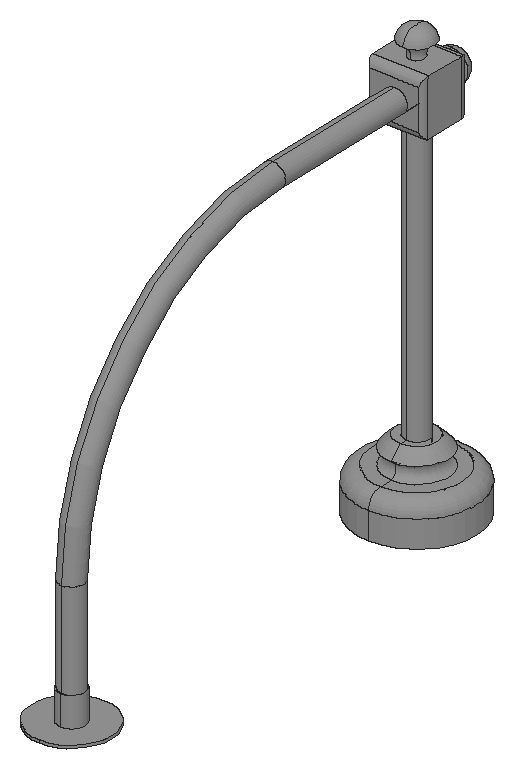
Revit family "10210 Велопарковка «Чугунная комбинированная» Хоббика", category Антураж, Revit 2018
Family settings
  На основе рабочей плоскости = Нет
  Всегда вертикально = Да
  При загрузке вырезать с полостями = Нет
  Источник визуального образа = Геометрия семейства
  Общий = Нет
  Точка расчета площади = Нет
Parameters (values of type "Велопарковка «Чугунная комбинированная»")
  Ширина = 805 mm  # constant formula
  Цвет каркаса = Чугун
  Description = "Велопарковка «Чугунная комбинированная» "  # constant formula
  Материал изделия = "Чугун"  # constant formula
  Изображение типоразмера = Велопарковка «Чугунная комбинированная» Арт 10210.jpg
  Изготовитель = "ООО «Хоббика»"  # constant formula
  Длина = 45 mm  # constant formula
  Группа модели = "Велопарковки"  # constant formula
  Высота = 815 mm  # constant formula
  Артикул товара = "Арт. 10210"  # constant formula
  URL = "https://hobbyka.ru/product/veloparkovka_chugunnaya_/"
Reference planes
  plane 1 "По центру (Вперед/Назад)": y = 0
  plane 2: z = 0
  plane 3 "По центру (Влево/Вправо)": x = 0
  plane 4: x = 45
  plane 5: y = 805
  plane 6: z = 815
Forms (mm)
  Sweep 1, solid, material "Чугун" <- "Цвет каркаса"
    path origin (0, 0, 0) x (0, 1, 0) y (0, 0, 1)
      loop
        line (805, 0) -> (805, 710) -> (470, 710)
        arc (470, 710) -> (137.66, 572.34) -> (0, 240) r 470
        line (0, 240) -> (0, 0)
    profile origin (0, 805, 355) x (0, -1, 0) y (1, 0, 0)
      loop
        circle (0, 22.5) r 22.5
  Extrusion 2, solid, material "Чугун" <- "Цвет каркаса"
    sketch origin (0, 0, 0) x (0, 1, 0) y (0, 0, 1)
      loop
        line (843.741, 762.94) -> (768.741, 762.94)
        arc (768.741, 762.94) -> (758.135, 758.547) -> (753.741, 747.94) r 15
        line (753.741, 747.94) -> (753.741, 672.94)
        arc (753.741, 672.94) -> (758.135, 662.334) -> (768.741, 657.94) r 15
        line (768.741, 657.94) -> (843.741, 657.94)
        arc (843.741, 657.94) -> (854.348, 662.334) -> (858.741, 672.94) r 15
        line (858.741, 672.94) -> (858.741, 747.94)
        arc (858.741, 747.94) -> (854.348, 758.547) -> (843.741, 762.94) r 15
    from -30 to 75
  Extrusion 3, void
    sketch origin (0, 0, 0) x (1, 0, 0) y (0, 1, 0)
      loop
        line (75, 858.741) -> (60, 858.741)
        arc (60, 858.741) -> (70.607, 854.348) -> (75, 843.741) r 15
        line (75, 843.741) -> (75, 858.741)
      loop
        line (-30, 858.741) -> (-30, 843.741)
        arc (-30, 843.741) -> (-25.607, 854.348) -> (-15, 858.741) r 15
        line (-15, 858.741) -> (-30, 858.741)
      loop
        line (75, 751.259) -> (75, 766.259)
        arc (75, 766.259) -> (70.607, 755.652) -> (60, 751.259) r 15
        line (60, 751.259) -> (75, 751.259)
      loop
        line (-30, 751.259) -> (-15, 751.259)
        arc (-15, 751.259) -> (-25.607, 755.652) -> (-30, 766.259) r 15
        line (-30, 766.259) -> (-30, 751.259)
    from 657.94 to 762.94
  Extrusion 4, solid, material "Чугун" <- "Цвет каркаса"
    sketch origin (0, 0, 0) x (1, 0, 0) y (0, 1, 0)
      loop
        circle (22.5, 0) r 22.5
      loop
        circle (22.5, 0) r 25
    from 5 to 60
  Extrusion 5, solid, material "Чугун" <- "Цвет каркаса"
    sketch origin (0, 0, 0) x (1, 0, 0) y (0, 1, 0)
      loop
        circle (22.5, 0) r 25
      loop
        circle (22.5, 0) r 75
    from 0 to 5
  Revolve 6, solid, material "Чугун" <- "Цвет каркаса"
    sketch origin (22.5, 0, 0) x (0, 1, 0) y (0, 0, 1)
      loop
        line (782.5, 0) -> (782.5, 130) -> (767.5, 130)
        arc (767.5, 130) -> (756.053, 120.234) -> (746.287, 108.787) r 95.206
        arc (746.287, 108.787) -> (757.454, 93.787) -> (746.287, 78.787) r 15.658
        line (746.287, 78.787) -> (721.287, 78.787)
        arc (721.287, 78.787) -> (701.365, 70.535) -> (693.114, 50.614) r 28.173
        line (693.114, 50.614) -> (693.114, 0) -> (782.5, 0)
      axis (805, 0) -> (805, 130)
    angle from 0 to 360
  Revolve 7, solid, material "Чугун" <- "Цвет каркаса"
    sketch origin (22.5, 0, 0) x (0, 1, 0) y (0, 0, 1)
      loop
        arc (805, 815) -> (783.974, 809.67) -> (773.055, 790.927) r 28.017
        arc (773.055, 790.927) -> (787.624, 780.574) -> (790.543, 762.94) r 23.255
        line (790.543, 762.94) -> (805, 762.94) -> (805, 815)
      axis (805, 815) -> (805, 762.94)
    angle from 0 to 360
  Revolve 8, solid, material "Чугун" <- "Цвет каркаса"
    sketch origin (22.5, 94.56, 1515.44) x (0, 0, -1) y (0, 1, 0)
      loop
        arc (805, 815) -> (783.974, 809.67) -> (773.055, 790.927) r 28.017
        arc (773.055, 790.927) -> (787.624, 780.574) -> (790.543, 762.94) r 23.255
        line (790.543, 762.94) -> (805, 762.94) -> (805, 815)
      axis (805, 815) -> (805, 762.94)
    angle from 0 to 360
Cuts and joins
  Extrusion 3 cuts Extrusion 2
Dimensions and locks
  "Ширина": plane 5 to plane 1 "По центру (Вперед/Назад)"
  "Длина": plane 3 "По центру (Влево/Вправо)" to plane 4
  "Высота": plane 6 to plane 2
  aligned and locked: level to plane 2
Automatic sketch dimensions
  Sweep 1 sketch curve to plane 1 "По центру (Вперед/Назад)" = 0 mm
  Sweep 1 sketch curve to plane 5 = 0 mm
  Sweep 1 sketch curve to level = 0 mm  (x2)
  Sweep 1 sketch curve to plane 6 = 105 mm
  Sweep 1 sketch curve to plane 5 = 335 mm
  Sweep 1 sketch curve to profile plane = 0 mm
  plane 3 "По центру (Влево/Вправо)" to Sweep 1 sketch curve = 22.5 mm
  Extrusion 2 sketch curve to plane 5 = 51.259 mm
  Extrusion 2 sketch curve to Extrusion 2 sketch curve = 15 mm  (x3)
  plane 5 to Extrusion 2 sketch curve = 38.741 mm  (x2)
  Extrusion 2 sketch curve to plane 6 = 157.06 mm
  Extrusion 2 sketch curve to plane 6 = 67.06 mm
  Extrusion 3 sketch curve to plane 3 "По центру (Влево/Вправо)" = 30 mm  (x2)
  Extrusion 3 sketch curve to plane 3 "По центру (Влево/Вправо)" = 15 mm  (x2)
  plane 4 to Extrusion 3 sketch curve = 15 mm  (x2)
  Extrusion 3 sketch curve to Extrusion 3 sketch curve = 15 mm  (x2)
  Extrusion 3 sketch curve to plane 5 = 53.741 mm  (x2)
  plane 5 to Extrusion 3 sketch curve = 38.741 mm  (x2)
  Extrusion 4 sketch curve to Extrusion 4 sketch curve = 0 mm  (x12)
  plane 1 "По центру (Вперед/Назад)" to Extrusion 4 sketch curve = 0 mm
  plane 3 "По центру (Влево/Вправо)" to Extrusion 4 sketch curve = 22.5 mm
  plane 1 "По центру (Вперед/Назад)" to Extrusion 4 sketch curve = 22.5 mm
  Extrusion 4 sketch curve to Extrusion 4 sketch curve = 2.5 mm
  Extrusion 5 sketch curve to Extrusion 5 sketch curve = 0 mm  (x12)
  plane 1 "По центру (Вперед/Назад)" to Extrusion 5 sketch curve = 0 mm
  plane 3 "По центру (Влево/Вправо)" to Extrusion 5 sketch curve = 22.5 mm
  plane 1 "По центру (Вперед/Назад)" to Extrusion 5 sketch curve = 25 mm
  Extrusion 5 sketch curve to Extrusion 5 sketch curve = 50 mm
  Revolve 6 sketch curve to level = 0 mm  (x2)
  Revolve 6 sketch curve to plane 5 = 0 mm
  Revolve 6 sketch curve to plane 5 = 22.5 mm
  Revolve 6 sketch curve to Revolve 6 sketch curve = 15 mm  (x2)
  Revolve 6 sketch curve to Revolve 6 sketch curve = 21.213 mm
  Revolve 6 sketch curve to Revolve 6 sketch curve = 4.491 mm
  Revolve 6 sketch curve to Revolve 6 sketch curve = 25 mm
  Revolve 6 sketch curve to Revolve 6 sketch curve = 28.173 mm
  plane 5 to Revolve 6 sketch curve = 18.373 mm
  level to Revolve 6 sketch curve = 50.614 mm
  level to Revolve 6 sketch curve = 52.913 mm
  Revolve 6 sketch curve to Revolve 6 sketch curve = 36.213 mm
  Revolve 6 sketch curve to Revolve 6 sketch curve = 135 mm
  Revolve 7 sketch curve to plane 5 = 0 mm  (x2)
  Revolve 7 sketch curve to plane 6 = 0 mm  (x2)
  Revolve 7 sketch curve to plane 5 = 4.165 mm
  Revolve 7 sketch curve to Revolve 7 sketch curve = 14.457 mm
  Revolve 7 sketch curve to Revolve 7 sketch curve = 22.64 mm
  Revolve 7 sketch curve to plane 6 = 27.705 mm
  Revolve 7 sketch curve to Revolve 7 sketch curve = 19.044 mm
  Revolve 7 sketch curve to Revolve 7 sketch curve = 24.355 mm
  Revolve 7 sketch curve to Revolve 7 sketch curve = 0 mm
  Revolve 8 sketch curve to plane 6 = 67.463 mm
  Revolve 8 sketch curve to Revolve 8 sketch curve = 22.64 mm
  Revolve 8 sketch curve to Revolve 8 sketch curve = 10.292 mm
  Revolve 8 sketch curve to Revolve 8 sketch curve = 14.457 mm
  plane 5 to Revolve 8 sketch curve = 52.5 mm
  Revolve 8 sketch curve to Revolve 8 sketch curve = 5.31 mm
  Revolve 8 sketch curve to Revolve 8 sketch curve = 24.355 mm
  Revolve 8 sketch curve to Revolve 8 sketch curve = 27.705 mm
  Revolve 8 sketch curve to Revolve 8 sketch curve = 0 mm  (x3)
  radius of Sweep 1 sketch curve = 22.5 mm
